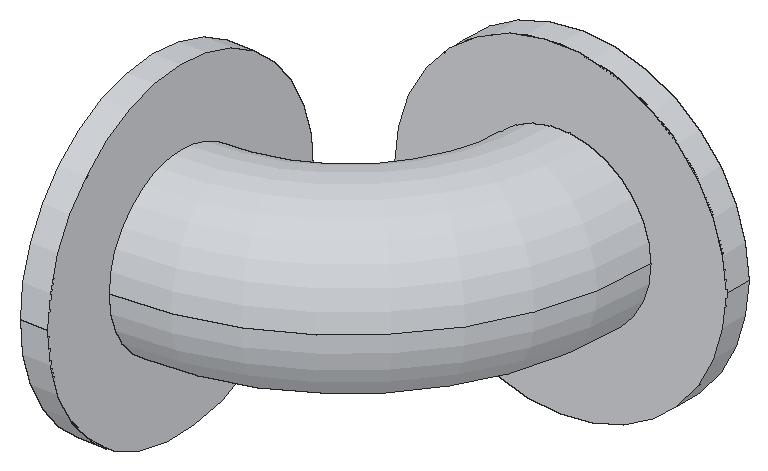
Revit family "fbed7401341f4d63824696cbf67c3911", category Pipe Fittings, Revit 2021
Family settings
  Round Connector Dimension = Use Radius
  Part Type = Elbow
  OmniClass Number = 23.60.30.11.14
  OmniClass Title = Pipework Fittings
  Seek Item ID = Elbow - Flanged - GI - Class 25-0000-USA-ENU
  Work Plane-Based = No
  Always vertical = Yes
  Cut with Voids When Loaded = No
  Shared = No
Parameters (values of type "Standard")
  Wall Thickness [instance] = size_lookup(Lookup Table Name, "WThk", 0.02 * Nominal Diameter + 21/64", Nominal Diameter)  # 0.43307"
  Tick Size [instance] = Flange Diameter * 0.4  # 3.6063"
  Loss Method = K Coefficient from Table
  Lookup Table Name = "Elbow - Flanged - GI - Class 25"
  Length 3 [instance] = Center to Face * sin(Angle)  # 6.49606"
  Length 2 [instance] = Center to Face * cos(Angle) + Center to Face  # 6.49606"
  K Coefficient Table = "Regular 45, 90 and 180 Elbow"
  Fitting Outside Radius [instance] = Fitting Outside Diameter / 2  # 2.44094"
  Fitting Outside Diameter [instance] = Fitting Inside Diameter + Wall Thickness * 2  # 4.88189"
  Length 1 [instance] = (Fitting Outside Radius + 1/32") * tan(Angle / 2) + Flange Thickness  # 3.22023"
  Nominal Radius [instance] = 2"
  Nominal Diameter [instance] = Nominal Radius * 2  # 4"
  Fitting Inside Diameter [instance] = size_lookup(Lookup Table Name, "FID", 1.02 * Nominal Diameter - 0", Nominal Diameter)  # 4.01575"
  Default Elevation = 0' - 0"
  Center to Face 1 [instance] = size_lookup(Lookup Table Name, "CtF1", 0.67 * Nominal Diameter + 4 89/256", Nominal Diameter)  # 6.49606"
  Center to Face 2 [instance] = size_lookup(Lookup Table Name, "CtF2", 0.48 * Nominal Diameter + 1 59/256", Nominal Diameter)  # 4.01575"
  Center to Face [instance] = if(and(Angle > 0.00°, (not(Angle > 45.00°))), if(Center to Face 2 > Fitting Outside Radius * tan(Angle / 2) + Flange Thickness, Center to Face 2, Length 1), if(Center to Face 1 > Fitting Outside Radius * tan(Angle / 2) + Flange Thickness, Center to Face 1, Length 1))  # 6.49606"
  Center Radius [instance] = (Center to Face - Flange Thickness) / tan(Angle / 2)  # 5.74803"
  Flange Thickness [instance] = size_lookup(Lookup Table Name, "FThk", 0.03 * Nominal Diameter + 169/256", Nominal Diameter)  # 0.74803"
  Flange Radius [instance] = Flange Diameter / 2  # 4.50787"
  Flange Diameter [instance] = size_lookup(Lookup Table Name, "FDia", 1.16 * Nominal Diameter + 4 11/16", Nominal Diameter)  # 9.01575"
  Assembly Code = ""
  Angle [instance] = 90.00°
Reference planes (in)
  plane 1 "Center (Front/Back)": y = 0
  plane 2: z = 0
  plane 3 "Center (Left/Right)": x = 0
  plane 4: x = -5.74803
  plane 5: x = -6.49606
  plane 6: y = 5.74803
  plane 7: y = 3.6063
  plane 8: y = -3.6063
  plane 9: y = 6.49606
  plane 10: x = 0
Forms (in)
  Sweep 1, solid, detail levels fine
    path in 3D
      loop
        arc (-5.74803, 0, 0) -> (-1.68356, 1.68356, 0) -> (0, 5.74803, 0) r 5.74803
    profile origin (-1.68356, 1.68356, 0) x (-0.707107, 0.707107, 0) y (0, 0, 1)
      loop
        circle (0, 0) r 2.44094
  Sweep 2, solid, detail levels fine
    path in 3D
      loop
        line (-6.49606, 0, 0) -> (-5.74803, 0, 0)
    profile origin (-6.12205, 0, 0) x (0, 1, 0) y (0, 0, 1)
      loop
        circle (0, 0) r 4.50787
  Sweep 3, solid, detail levels fine
    path in 3D
      loop
        line (0, 5.74803, 0) -> (0, 6.49606, 0)
    profile origin (0, 6.12205, 0) x (-1, 0, 0) y (0, 0, 1)
      loop
        circle (0, 0) r 4.50787
Cuts and joins
  joined: Sweep 1, Sweep 2, Sweep 3
Lines and regions (in)
  model lines, detail levels coarse+medium
    curve 1: line (-6.49606, 0, 0) -> (-5.74803, 0, 0)
    curve 2: arc (-5.74803, 0, 0) -> (-1.68356, 1.68356, 0) -> (0, 5.74803, 0) r 5.74803
    curve 3: line (0, 5.74803, 0) -> (0, 6.49606, 0)
    curve 8: line (-6.49606, 0, 0) -> (-6.49606, 3.6063, 0)
    curve 9: line (-6.49606, 0, 0) -> (-6.49606, -3.6063, 0)
    curve 10: line (0, 6.49606, 0) -> (-3.6063, 6.49606, 0)
    curve 11: line (0, 6.49606, 0) -> (3.6063, 6.49606, 0)
  sketch lines
    curve 4: arc (-5.74803, 0, 0) -> (-1.68356, 1.68356, 0) -> (0, 5.74803, 0) r 5.74803
    curve 5: line (-6.49606, 0, 0) -> (-5.74803, 0, 0)
    curve 6: line (0, 5.74803, 0) -> (0, 6.49606, 0)
  reference lines
    curve 7: line (-6.49606, 0, 0) -> (-5.74803, 0, 0)
    curve 12: line (0, 6.49606, 0) -> (0, 5.74803, 0)
Dimensions and locks (in)
  "Center Radius": plane 6 to plane 1 "Center (Front/Back)"
  "Flange Thickness": plane 5 to plane 4
  "Tick Size": plane 7 to plane 1 "Center (Front/Back)"
  "Tick Size": plane 8 to plane 1 "Center (Front/Back)"
  "Flange Thickness": curve 3 to curve 3
  "Tick Size": curve 10 to curve 10
  "Tick Size": curve 11 to curve 11
  "Center to Face": plane 5 to plane 3 "Center (Left/Right)"
  "Length 2": plane 5 to plane 10
  "Length 3": plane 9 to plane 1 "Center (Front/Back)"
  "Center Radius": radius of curve 2
  "Fitting Outside Radius": radius of Sweep 1 sketch curve
  "Flange Radius": radius of Sweep 2 sketch curve
  "Flange Radius": radius of Sweep 3 sketch curve
  "Angle": angle curve 2 to curve 2
  "Angle": angle plane 1 "Center (Front/Back)" to curve 3
  locked: curve 11 to curve 3 (angle 90.00°)
  locked: curve 3 to curve 10 (angle 90.00°)
  "Angle": angle plane 9 to curve 12
  aligned and locked: plane 4 to curve 2
  aligned and locked: plane 5 to curve 7
  aligned and locked: plane 1 "Center (Front/Back)" to curve 7
  aligned and locked: plane 7 to curve 8
  aligned and locked: plane 1 "Center (Front/Back)" to curve 9
  aligned and locked: plane 8 to curve 9
  aligned and locked: curve 9 to plane 5
  aligned and locked: plane 10 to curve 12
  aligned and locked: plane 9 to curve 12
Automatic sketch dimensions
  Sweep 1 sketch curve to profile plane = 0' - 0"  (x2)
  Sweep 2 sketch curve to profile plane = 0' - 0"  (x2)
  Sweep 3 sketch curve to profile plane = 0' - 0"  (x2)
  curve 7 to plane 4 = 0' - 0"
Connectors (in)
  piping at (-6.49606, 0, 0), diameter 4, driven by "Angle", driven by "Nominal Radius"
    settings: on cut or joined group of Sweep 1, Sweep 2, Sweep 3, index 1, connector inside diameter 4", connector length 0' - 0", flow factor 0, pipe flow 0 GPM, pressure drop 0.00 psi, fitting loss kfactor 0, connector angle 90.00°, fixture units 0, engagement length 0' - 0", angle of deflection 0.00°, flow configuration 0, flow direction 0, fitting loss method 0, system type 28, joint type 0, gender type 0, connector reference index 2, connector utility 0, adjustable connector no, is connector primary yes, connector description ""
  piping at (0, 6.49606, 0), diameter 4, driven by "Angle", driven by "Nominal Radius"
    settings: on cut or joined group of Sweep 1, Sweep 2, Sweep 3, index 2, connector inside diameter 4", connector length 0' - 0", flow factor 0, pipe flow 0 GPM, pressure drop 0.00 psi, fitting loss kfactor 0, connector angle 90.00°, fixture units 0, engagement length 0' - 0", angle of deflection 0.00°, flow configuration 0, flow direction 0, fitting loss method 0, system type 28, joint type 0, gender type 0, connector reference index 1, connector utility 0, adjustable connector no, is connector primary no, connector description ""
